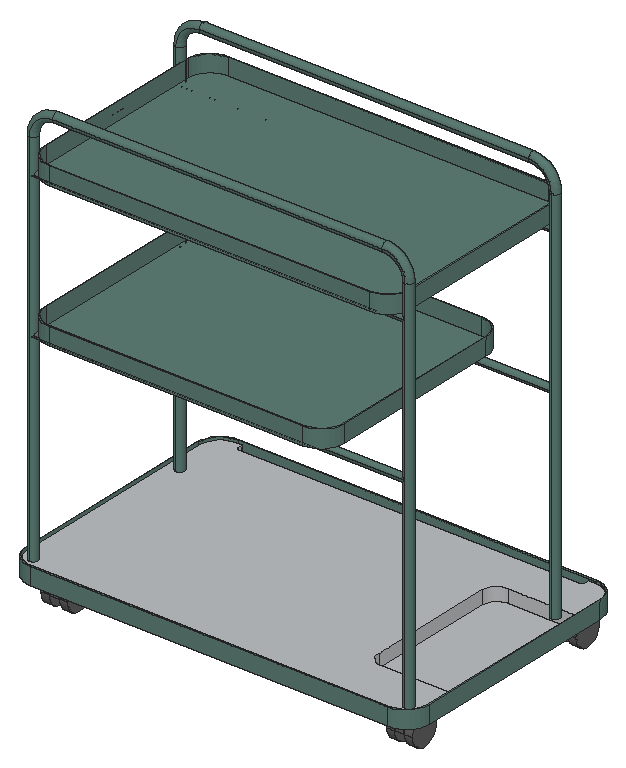
Revit family "okamura_MT30BA００_スプリント_ワゴン_ツールワゴン_700W×450D×790H", category 家具, Revit 2017
Family settings
  OmniClass 番号 = 23.40.20.00
  OmniClass タイトル = General Furniture and Specialties
  作業面に基づく = いいえ
  常に垂直 = はい
  ロード時にボイドで切り取り = いいえ
  共有 = いいえ
  部屋計算ポイント = いいえ
Parameters (values of type "ZH12（ダークグリーン）")
  製造元 = "株式会社オカムラ"
  製品名称 [instance] = "スプリント"  # constant formula
  製品仕様 [instance] = "ツールワゴン"  # constant formula
  製品コード/色仕様 = "MT30BA"  # constant formula
  製品コード [instance] = "MT30BA"  # constant formula
  製品カテゴリ = "クリエイティブファニチュア"  # constant formula
  色仕様名称 [instance] = "ダークグリーン"
  色仕様コード [instance] = "ZH12"
  本体 = okm_ZH12
  導入日 [instance] = ""
  区分 = "ワゴン"  # constant formula
  共通仕様 = ""
  備考 = ""
  シリアルNo [instance] = ""
  キーノート = "12490"
  キャスター = okm_G81
  アセンブリ コード = "E2020200"
  W = 700.0 mm
  URL = "http://www.okamura.co.jp/"
  Product_URL = ""
  ID [instance] = ""
  H = 790.0 mm
  D = 450.0 mm
  Copyright [instance] = "©2021.10 okamura Corp."  # constant formula
Types (8, lengths in mm): name | 色仕様名称 | 色仕様コード | 本体
  (no name) | "ダークグリーン" | "ZH12" | okm_ZH12
  ZH11（オレンジレッド） | "オレンジレッド" | "ZH11" | okm_ZH11
  ZH12（ダークグリーン） | "ダークグリーン" | "ZH12" | okm_ZH12
  ZH13（イエロー） | "イエロー" | "ZH13" | okm_ZH13
  ZH14（セージ） | "セージ" | "ZH14" | okm_ZH14
  ZH15（ダークグレー） | "ダークグレー" | "ZH15" | okm_ZH15
  Z721（ネオブラック） | "ネオブラック" | "Z721" | okm_Z721
  ZC03（ネオホワイト） | "ネオホワイト" | "ZC03" | okm_ZC03
Reference planes
  plane 1 "中心(正面/背面)": y = 0
  plane 2: z = 0
  plane 3 "中心(左/右)": x = 0
  plane 4 "左": x = -350
  plane 5 "右": x = 350
  plane 6 "背面": y = 225
  plane 7 "正面": y = -225
  plane 8 "上": z = 790
Forms (mm)
  Extrusion 1, solid, material "okm_ZH12" <- "本体"
    sketch origin (0, 0, 0) x (1, 0, 0) y (0, 1, 0)
      loop
        arc (-310, 225) -> (-338.284, 213.284) -> (-350, 185) r 40
        line (-350, 185) -> (-350, -185)
        arc (-350, -185) -> (-338.284, -213.284) -> (-310, -225) r 40
        line (-310, -225) -> (310, -225)
        arc (310, -225) -> (338.284, -213.284) -> (350, -185) r 40
        line (350, -185) -> (350, 185)
        arc (350, 185) -> (338.284, 213.284) -> (310, 225) r 40
        line (310, 225) -> (-310, 225)
      loop
        line (310.4, 223.4) -> (-310.4, 223.4)
        arc (-310.4, 223.4) -> (-337.27, 212.27) -> (-348.4, 185.4) r 38
        line (-348.4, 185.4) -> (-348.4, -185.4)
        arc (-348.4, -185.4) -> (-337.27, -212.27) -> (-310.4, -223.4) r 38
        line (-310.4, -223.4) -> (310.4, -223.4)
        arc (310.4, -223.4) -> (337.27, -212.27) -> (348.4, -185.4) r 38
        line (348.4, -185.4) -> (348.4, 185.4)
        arc (348.4, 185.4) -> (337.27, 212.27) -> (310.4, 223.4) r 38
    from 55.5 to 85.5
  Extrusion 2, solid, material "okm_ZH12" <- "本体"
    sketch origin (0, 125, 2080) x (0, -1, 0) y (1, 0, 0)
      loop
        line (-38.05, 278.05) -> (-38.05, -278.05)
        arc (-38.05, -278.05) -> (-26.334, -306.334) -> (1.95, -318.05) r 40
        line (1.95, -318.05) -> (310, -318.05)
        arc (310, -318.05) -> (338.284, -306.334) -> (350, -278.05) r 40
        line (350, -278.05) -> (350, 278.05)
        arc (350, 278.05) -> (338.284, 306.334) -> (310, 318.05) r 40
        line (310, 318.05) -> (1.95, 318.05)
        arc (1.95, 318.05) -> (-26.334, 306.334) -> (-38.05, 278.05) r 40
      loop
        arc (310.4, -316.45) -> (337.27, -305.32) -> (348.4, -278.45) r 38
        line (348.4, -278.45) -> (348.4, 278.45)
        arc (348.4, 278.45) -> (337.27, 305.32) -> (310.4, 316.45) r 38
        line (310.4, 316.45) -> (1.55, 316.45)
        arc (1.55, 316.45) -> (-25.32, 305.32) -> (-36.45, 278.45) r 38
        line (-36.45, 278.45) -> (-36.45, -278.45)
        arc (-36.45, -278.45) -> (-25.32, -305.32) -> (1.55, -316.45) r 38
        line (1.55, -316.45) -> (310.4, -316.45)
    from -1360 to -1390
  Extrusion 3, solid, material "okm_GLC"
    sketch origin (10, 0, -440) x (1, 0, 0) y (0, 0, 1)
      loop
        arc (-350.357, 1041.938) -> (-349.076, 1034.571) -> (-346.76, 1027.461) r 52.496
        arc (-346.76, 1027.461) -> (-343.752, 1025.028) -> (-340.091, 1026.281) r 4
        arc (-340.091, 1026.281) -> (-332.986, 1037.329) -> (-329.844, 1050.084) r 40
        arc (-329.844, 1050.084) -> (-328.434, 1086.867) -> (-329.844, 1123.65) r 480.463
        arc (-329.844, 1123.65) -> (-329.897, 1129.812) -> (-329.115, 1135.925) r 45.375
        line (-329.115, 1135.925) -> (-328.05, 1139.9) -> (-328.05, 1144.233)
        arc (-328.05, 1144.233) -> (-330.026, 1143.538) -> (-331.642, 1142.206) r 6
        arc (-331.642, 1142.206) -> (-337.125, 1134.372) -> (-341.016, 1125.636) r 50
        arc (-341.016, 1125.636) -> (-350.142, 1084.284) -> (-350.357, 1041.938) r 200
      loop
        arc (-329.729, 1141.362) -> (-335.236, 1133.647) -> (-339.12, 1125.001) r 48
        arc (-339.12, 1125.001) -> (-348.155, 1084.063) -> (-348.368, 1042.14) r 198
        arc (-348.368, 1042.14) -> (-347.135, 1035.053) -> (-344.907, 1028.214) r 50.496
        arc (-344.907, 1028.214) -> (-343.403, 1026.998) -> (-341.573, 1027.624) r 2
        arc (-341.573, 1027.624) -> (-334.823, 1038.12) -> (-331.838, 1050.237) r 38
        arc (-331.838, 1050.237) -> (-330.434, 1086.867) -> (-331.838, 1123.497) r 478.463
        arc (-331.838, 1123.497) -> (-331.892, 1129.964) -> (-331.064, 1136.379) r 47.375
        line (-331.064, 1136.379) -> (-329.729, 1141.362)
    from 48.45 to 13.45
  Extrusion 4, solid, material "okm_G81" <- "キャスター"
    sketch origin (0, 0, 0) x (0, 1, 0) y (0, 0, 1)
      loop
        circle (-162, 25) r 25
      loop
        circle (192, 25) r 25
    from -291.25 to -277.25
  Extrusion 5, solid, material "okm_G81" <- "キャスター"
    sketch origin (0, 0, 0) x (0, 1, 0) y (0, 0, -1)
      loop
        circle (-162, -25) r 25
      loop
        circle (192, -25) r 25
    from 308.75 to 322.75
  Extrusion 6, solid, material "okm_ZH12" <- "本体"
    sketch origin (0, 125, -1033.826) x (1, 0, 0) y (0, 1, 0)
      loop
        arc (-278.45, 36.45) -> (-305.32, 25.32) -> (-316.45, -1.55) r 38
        line (-316.45, -1.55) -> (-316.45, -310.4)
        arc (-316.45, -310.4) -> (-305.32, -337.27) -> (-278.45, -348.4) r 38
        line (-278.45, -348.4) -> (278.45, -348.4)
        arc (278.45, -348.4) -> (305.32, -337.27) -> (316.45, -310.4) r 38
        line (316.45, -310.4) -> (316.45, -1.55)
        arc (316.45, -1.55) -> (305.32, 25.32) -> (278.45, 36.45) r 38
        line (278.45, 36.45) -> (-278.45, 36.45)
    from 1725.426 to 1723.826
  Sweep 7, solid, material "okm_ZH12" <- "本体"
    path origin (0, -50, 0) x (1, 0, 0) y (0, 0, -1)
      loop
        line (326, -81.5) -> (326, -742.05)
        arc (326, -742.05) -> (314.284, -770.334) -> (286, -782.05) r 40
        line (286, -782.05) -> (-286, -782.05)
        arc (-286, -782.05) -> (-314.284, -770.334) -> (-326, -742.05) r 40
        line (-326, -742.05) -> (-326, -81.5)
    profile origin (-326, -50, 411.775) x (0, 1, 0) y (-1, 0, 0)
      loop
        circle (168, 0) r 7.95
      loop
        circle (-150, 0) r 7.95
  Extrusion 8, solid, material "okm_F4J"
    sketch origin (0, 0, 140) x (0, -1, 0) y (1, 0, 0)
      loop
        arc (-222.9, -309.9) -> (-211.77, -336.77) -> (-184.9, -347.9) r 38
        line (-184.9, -347.9) -> (184.9, -347.9)
        arc (184.9, -347.9) -> (211.77, -336.77) -> (222.9, -309.9) r 38
        line (222.9, -309.9) -> (222.9, 309.9)
        arc (222.9, 309.9) -> (211.77, 336.77) -> (184.9, 347.9) r 38
        line (184.9, 347.9) -> (137.25, 347.9) -> (137.25, 227.9)
        arc (137.25, 227.9) -> (129.928, 210.222) -> (112.25, 202.9) r 25
        line (112.25, 202.9) -> (-112.25, 202.9)
        arc (-112.25, 202.9) -> (-129.928, 210.222) -> (-137.25, 227.9) r 25
        line (-137.25, 227.9) -> (-137.25, 347.9) -> (-184.9, 347.9)
        arc (-184.9, 347.9) -> (-211.77, 336.77) -> (-222.9, 309.9) r 38
        line (-222.9, 309.9) -> (-222.9, 303.5)
        arc (-222.9, 303.5) -> (-222.021, 301.379) -> (-219.9, 300.5) r 3
        line (-219.9, 300.5) -> (-211.9, 300.5)
        arc (-211.9, 300.5) -> (-209.779, 299.621) -> (-208.9, 297.5) r 3
        line (-208.9, 297.5) -> (-208.9, -297.5)
        arc (-208.9, -297.5) -> (-209.779, -299.621) -> (-211.9, -300.5) r 3
        line (-211.9, -300.5) -> (-219.9, -300.5)
        arc (-219.9, -300.5) -> (-222.021, -301.379) -> (-222.9, -303.5) r 3
        line (-222.9, -303.5) -> (-222.9, -309.9)
    from -58.5 to -81.3
  Extrusion 9, solid, material "okm_G81" <- "キャスター"
    sketch origin (-582.5, 0, 0) x (0, 1, 0) y (0, 0, -1)
      loop
        line (-137, -24.972) -> (-187, -24.972)
        arc (-187, -24.972) -> (-162, -50) -> (-137, -24.972) r 25
      loop
        arc (167, -24.972) -> (192, -50) -> (217, -24.972) r 25
        line (217, -24.972) -> (167, -24.972)
    from -289.5 to -275.5
  Extrusion 10, solid, material "okm_G81" <- "キャスター"
    sketch origin (0, 0, 0) x (1, 0, 0) y (0, 1, 0)
      loop
        circle (-300, 177) r 8
      loop
        circle (300, 177) r 8
      loop
        circle (-300, -177) r 8
      loop
        circle (300, -177) r 8
    from 34.5 to 55.5
  Extrusion 11, solid, material "okm_G81" <- "キャスター"
    sketch origin (0, 0, 0) x (0, 1, 0) y (0, 0, -1)
      loop
        circle (-162, -25) r 25
      loop
        circle (192, -25) r 25
    from -291.25 to -277.25
  Extrusion 12, solid, material "okm_G81" <- "キャスター"
    sketch origin (0, 0, 0) x (0, 1, 0) y (0, 0, 1)
      loop
        circle (-162, 25) r 25
      loop
        circle (192, 25) r 25
    from 308.75 to 322.75
  Extrusion 13, solid, material "okm_G81" <- "キャスター"
    sketch origin (582.5, 0, 0) x (0, 1, 0) y (0, 0, 1)
      loop
        arc (-137, 24.972) -> (-162, 50) -> (-187, 24.972) r 25
        line (-187, 24.972) -> (-137, 24.972)
      loop
        line (167, 24.972) -> (217, 24.972)
        arc (217, 24.972) -> (192, 50) -> (167, 24.972) r 25
    from -289.5 to -275.5
  Extrusion 14, solid, material "okm_ZH12" <- "本体"
    sketch origin (0, 125, 1753.826) x (0, -1, 0) y (1, 0, 0)
      loop
        line (-38.05, 161.95) -> (-38.05, -278.05)
        arc (-38.05, -278.05) -> (-26.334, -306.334) -> (1.95, -318.05) r 40
        line (1.95, -318.05) -> (310, -318.05)
        arc (310, -318.05) -> (338.284, -306.334) -> (350, -278.05) r 40
        line (350, -278.05) -> (350, 161.95)
        arc (350, 161.95) -> (338.284, 190.234) -> (310, 201.95) r 40
        line (310, 201.95) -> (1.95, 201.95)
        arc (1.95, 201.95) -> (-26.334, 190.234) -> (-38.05, 161.95) r 40
      loop
        arc (310.4, -316.45) -> (337.27, -305.32) -> (348.4, -278.45) r 38
        line (348.4, -278.45) -> (348.4, 162.35)
        arc (348.4, 162.35) -> (337.27, 189.22) -> (310.4, 200.35) r 38
        line (310.4, 200.35) -> (1.55, 200.35)
        arc (1.55, 200.35) -> (-25.32, 189.22) -> (-36.45, 162.35) r 38
        line (-36.45, 162.35) -> (-36.45, -278.45)
        arc (-36.45, -278.45) -> (-25.32, -305.32) -> (1.55, -316.45) r 38
        line (1.55, -316.45) -> (310.4, -316.45)
    from -1283.826 to -1313.826
  Extrusion 15, solid, material "okm_ZH12" <- "本体"
    sketch origin (0, 125, -1360) x (1, 0, 0) y (0, 1, 0)
      loop
        arc (-278.45, 36.45) -> (-305.32, 25.32) -> (-316.45, -1.55) r 38
        line (-316.45, -1.55) -> (-316.45, -310.4)
        arc (-316.45, -310.4) -> (-305.32, -337.27) -> (-278.45, -348.4) r 38
        line (-278.45, -348.4) -> (162.35, -348.4)
        arc (162.35, -348.4) -> (189.22, -337.27) -> (200.35, -310.4) r 38
        line (200.35, -310.4) -> (200.35, -1.55)
        arc (200.35, -1.55) -> (189.22, 25.32) -> (162.35, 36.45) r 38
        line (162.35, 36.45) -> (-278.45, 36.45)
    from 1801.6 to 1800
  Extrusion 16, solid, material "okm_ZH12" <- "本体"
    sketch origin (0, 0, 0) x (0, 1, 0) y (0, 0, 1)
      loop
        circle (117.999, 683.65) r 6.35
      loop
        circle (117.999, 433.65) r 6.35
      loop
        circle (-199.999, 683.65) r 6.35
      loop
        circle (-199.999, 433.65) r 6.35
    from -325 to 325
  Extrusion 17, solid, material "okm_F4J"
    sketch origin (0, 0, -22.6) x (1, 0, 0) y (0, 1, 0)
      loop
        arc (-347.9, -184.9) -> (-336.77, -211.77) -> (-309.9, -222.9) r 38
        line (-309.9, -222.9) -> (309.9, -222.9)
        arc (309.9, -222.9) -> (336.77, -211.77) -> (347.9, -184.9) r 38
        line (347.9, -184.9) -> (347.9, 184.9)
        arc (347.9, 184.9) -> (336.77, 211.77) -> (309.9, 222.9) r 38
        line (309.9, 222.9) -> (-309.9, 222.9)
        arc (-309.9, 222.9) -> (-336.77, 211.77) -> (-347.9, 184.9) r 38
        line (-347.9, 184.9) -> (-347.9, -184.9)
    from 79.7 to 81.3
Cuts and joins
  joined: Extrusion 8, Extrusion 17
  joined: Extrusion 4, Extrusion 5, Extrusion 9, Extrusion 10, Extrusion 11, Extrusion 12, Extrusion 13
Lines and regions (mm)
  Masking region 1
    outline origin (0, 0, 0) x (1, 0, 0) y (0, 1, 0)
      loop
        line (310, 225) -> (-310, 225)
        arc (-310, 225) -> (-338.284, 213.284) -> (-350, 185) r 40
        line (-350, 185) -> (-350, -185)
        arc (-350, -185) -> (-338.284, -213.284) -> (-310, -225) r 40
        line (-310, -225) -> (310, -225)
        arc (310, -225) -> (338.284, -213.284) -> (350, -185) r 40
        line (350, -185) -> (350, 185)
        arc (350, 185) -> (338.284, 213.284) -> (310, 225) r 40
  symbolic lines, style "okm_簡略", detail levels coarse
    curve 1: line (310, 225, 0) -> (-310, 225, 0)
    curve 2: arc (-310, 225, 0) -> (-338.284, 213.284, 0) -> (-350, 185, 0) r 40
    curve 3: line (-350, 185, 0) -> (-350, -185, 0)
    curve 4: arc (350, 185, 0) -> (338.284, 213.284, 0) -> (310, 225, 0) r 40
    curve 18: line (310, -225, 0) -> (-310, -225, 0)
    curve 19: arc (-310, -225, 0) -> (-338.284, -213.284, 0) -> (-350, -185, 0) r 40
    curve 20: arc (350, -185, 0) -> (338.284, -213.284, 0) -> (310, -225, 0) r 40
    curve 24: line (350, 185, 0) -> (350, -185, 0)
    curve 30: line (326, -192.05, 0) -> (-326, -192.05, 0)
    curve 31: line (-326, -207.95, 0) -> (326, -207.95, 0)
    curve 32: arc (-326, -192.05, 0) -> (-333.95, -200, 0) -> (-326, -207.95, 0) r 7.95
    curve 33: arc (326, -192.05, 0) -> (333.95, -200, 0) -> (326, -207.95, 0) r 7.95
    curve 34: arc (-326, 125.95, 0) -> (-333.95, 118, 0) -> (-326, 110.05, 0) r 7.95
    curve 35: arc (326, 125.95, 0) -> (333.95, 118, 0) -> (326, 110.05, 0) r 7.95
    curve 36: arc (278.05, 163.05, 0) -> (305.29, 152.341, 0) -> (317.945, 125.95, 0) r 40
    curve 37: arc (-317.945, 125.95, 0) -> (-305.29, 152.341, 0) -> (-278.05, 163.05, 0) r 40
    curve 38: line (-278.05, 163.05, 0) -> (278.05, 163.05, 0)
    curve 39: line (-318.05, -192.05, 0) -> (-318.05, 110.05, 0)
    curve 40: line (318.05, -192.05, 0) -> (318.05, 110.05, 0)
    curve 41: line (-326, 125.95, 0) -> (326, 125.95, 0)
    curve 42: line (326, 110.05, 0) -> (-326, 110.05, 0)
    curve 43: line (-300.5, 208.9, 0) -> (-300.5, 225, 0)
    curve 44: line (300.5, 208.9, 0) -> (-300.5, 208.9, 0)
    curve 45: line (300.5, 225, 0) -> (300.5, 208.9, 0)
    curve 46: arc (278.05, -225, 0) -> (296.516, -220.482, 0) -> (310.811, -207.95, 0) r 40
    curve 47: arc (-310.811, -207.95, 0) -> (-296.516, -220.482, 0) -> (-278.05, -225, 0) r 40
  symbolic lines, style "okm_標準・詳細", detail levels medium+fine
    curve 5: line (-350, 185, 0) -> (-350, -185, 0)
    curve 6: arc (-310, 225, 0) -> (-338.284, 213.284, 0) -> (-350, 185, 0) r 40
    curve 7: line (310, 225, 0) -> (-310, 225, 0)
    curve 8: arc (350, 185, 0) -> (338.284, 213.284, 0) -> (310, 225, 0) r 40
    curve 9: arc (-326, 125.95, 0) -> (-333.95, 118, 0) -> (-326, 110.05, 0) r 7.95
    curve 10: arc (-326, -192.05, 0) -> (-333.95, -200, 0) -> (-326, -207.95, 0) r 7.95
    curve 11: arc (-278.05, 163.05, 0) -> (-305.29, 152.341, 0) -> (-317.945, 125.95, 0) r 40
    curve 12: line (278.05, 163.05, 0) -> (-278.05, 163.05, 0)
    curve 13: line (-318.05, 110.05, 0) -> (-318.05, -192.05, 0)
    curve 14: line (-326, 125.95, 0) -> (326, 125.95, 0)
    curve 15: line (-326, 110.05, 0) -> (326, 110.05, 0)
    curve 16: line (-326, -192.05, 0) -> (326, -192.05, 0)
    curve 17: line (-326, -207.95, 0) -> (326, -207.95, 0)
    curve 21: arc (-310, -225, 0) -> (-338.284, -213.284, 0) -> (-350, -185, 0) r 40
    curve 22: line (310, -225, 0) -> (-310, -225, 0)
    curve 23: arc (350, -185, 0) -> (338.284, -213.284, 0) -> (310, -225, 0) r 40
    curve 25: line (350, 185, 0) -> (350, -185, 0)
    curve 26: arc (326, 125.95, 0) -> (333.95, 118, 0) -> (326, 110.05, 0) r 7.95
    curve 27: arc (278.05, 163.05, 0) -> (305.29, 152.341, 0) -> (317.945, 125.95, 0) r 40
    curve 28: arc (326, -192.05, 0) -> (333.95, -200, 0) -> (326, -207.95, 0) r 7.95
    curve 29: line (318.05, 110.05, 0) -> (318.05, -192.05, 0)
    curve 48: arc (-310.811, -207.95, 0) -> (-296.516, -220.482, 0) -> (-278.05, -225, 0) r 40
    curve 49: arc (278.05, -225, 0) -> (296.516, -220.482, 0) -> (310.811, -207.95, 0) r 40
    curve 50: line (300.5, 225, 0) -> (300.5, 208.9, 0)
    curve 51: line (300.5, 208.9, 0) -> (-300.5, 208.9, 0)
    curve 52: line (-300.5, 208.9, 0) -> (-300.5, 225, 0)
Dimensions and locks
  equal spacing: plane 4 "左", plane 3 "中心(左/右)", plane 5 "右"
  "W": plane 4 "左" to plane 5 "右"
  equal spacing: plane 7 "正面", plane 1 "中心(正面/背面)", plane 6 "背面"
  "D": plane 7 "正面" to plane 6 "背面"
  "H": plane 8 "上" to level
  aligned and locked: level to plane 2
Automatic sketch dimensions
  Extrusion 1 sketch curve to plane 4 "左" = 0.0 mm
  plane 7 "正面" to Extrusion 1 sketch curve = 0.0 mm
  plane 6 "背面" to Extrusion 1 sketch curve = 0.0 mm
  Extrusion 1 sketch curve to plane 5 "右" = 0.0 mm
  plane 4 "左" to Extrusion 1 sketch curve = 1.6 mm
  Extrusion 1 sketch curve to Extrusion 1 sketch curve = 38.0 mm  (x2)
  Extrusion 1 sketch curve to Extrusion 1 sketch curve = 0.4 mm  (x5)
  Extrusion 1 sketch curve to Extrusion 1 sketch curve = 40.0 mm
  Extrusion 1 sketch curve to plane 5 "右" = 40.0 mm
  Extrusion 1 sketch curve to plane 5 "右" = 1.6 mm
  Extrusion 1 sketch curve to plane 7 "正面" = 1.6 mm
  Extrusion 3 sketch curve to Extrusion 3 sketch curve = 0.0 mm  (x23)
  Extrusion 3 sketch curve to plane 8 "上" = 143.133 mm
  Extrusion 3 sketch curve to plane 4 "左" = 448.897 mm
  Extrusion 3 sketch curve to plane 4 "左" = 9.726 mm
  plane 4 "左" to Extrusion 3 sketch curve = 16.945 mm
  plane 4 "左" to Extrusion 3 sketch curve = 28.936 mm
  Extrusion 3 sketch curve to Extrusion 3 sketch curve = 1.335 mm
  Extrusion 3 sketch curve to Extrusion 3 sketch curve = 1.949 mm
  Extrusion 3 sketch curve to Extrusion 3 sketch curve = 1.679 mm
  Extrusion 3 sketch curve to Extrusion 3 sketch curve = 0.972 mm
  Extrusion 3 sketch curve to Extrusion 3 sketch curve = 44.926 mm
  Extrusion 3 sketch curve to Extrusion 3 sketch curve = 33.472 mm
  Extrusion 3 sketch curve to Extrusion 3 sketch curve = 9.004 mm
  Extrusion 3 sketch curve to plane 3 "中心(左/右)" = 141.376 mm
  Extrusion 3 sketch curve to plane 8 "上" = 167.899 mm
  Extrusion 3 sketch curve to plane 8 "上" = 176.854 mm
  Extrusion 3 sketch curve to Extrusion 3 sketch curve = 5.916 mm
  Extrusion 3 sketch curve to Extrusion 3 sketch curve = 24.179 mm
  Extrusion 3 sketch curve to Extrusion 3 sketch curve = 62.522 mm
  Extrusion 3 sketch curve to Extrusion 3 sketch curve = 17.371 mm
  Extrusion 3 sketch curve to Extrusion 3 sketch curve = 26.172 mm
  Extrusion 3 sketch curve to Extrusion 3 sketch curve = 0.454 mm
  Extrusion 3 sketch curve to Extrusion 3 sketch curve = 2.387 mm
  Extrusion 3 sketch curve to Extrusion 3 sketch curve = 1.588 mm
  Extrusion 3 sketch curve to Extrusion 3 sketch curve = 1.462 mm
  Extrusion 3 sketch curve to Extrusion 3 sketch curve = 2.87 mm
  plane 4 "左" to Extrusion 3 sketch curve = 9.643 mm
  Extrusion 3 sketch curve to Extrusion 3 sketch curve = 1.99 mm
  level to Extrusion 4 sketch curve = 25.0 mm  (x2)
  Extrusion 4 sketch curve to plane 7 "正面" = 63.0 mm
  plane 6 "背面" to Extrusion 4 sketch curve = 33.0 mm
  level to Extrusion 5 sketch curve = 25.0 mm  (x2)
  Extrusion 5 sketch curve to plane 7 "正面" = 63.0 mm
  plane 6 "背面" to Extrusion 5 sketch curve = 33.0 mm
  Masking region 1 sketch curve to plane 4 "左" = 0.0 mm
  plane 7 "正面" to Masking region 1 sketch curve = 0.0 mm
  plane 6 "背面" to Masking region 1 sketch curve = 0.0 mm
  Masking region 1 sketch curve to plane 5 "右" = 0.0 mm
  plane 4 "左" to Masking region 1 sketch curve = 40.0 mm  (x2)
  Masking region 1 sketch curve to Masking region 1 sketch curve = 40.0 mm  (x2)
  plane 4 "左" to Sweep 7 sketch curve = 24.0 mm
  Sweep 7 sketch curve to plane 8 "上" = 7.95 mm
  Sweep 7 sketch curve to Sweep 7 sketch curve = 40.0 mm
  Sweep 7 sketch curve to plane 5 "右" = 64.0 mm
  Sweep 7 sketch curve to plane 5 "右" = 24.0 mm
  level to Sweep 7 sketch curve = 81.5 mm  (x2)
  profile plane to Sweep 7 sketch curve = 0.0 mm  (x2)
  Sweep 7 sketch curve to profile plane = 150.0 mm
  profile plane to Sweep 7 sketch curve = 168.0 mm
  Extrusion 9 sketch curve to plane 7 "正面" = 38.0 mm
  Extrusion 9 sketch curve to Extrusion 9 sketch curve = 25.0 mm  (x2)
  level to Extrusion 9 sketch curve = 24.972 mm  (x2)
  plane 6 "背面" to Extrusion 9 sketch curve = 58.0 mm
  level to Extrusion 9 sketch curve = 25.0 mm  (x2)
  plane 4 "左" to Extrusion 10 sketch curve = 50.0 mm  (x2)
  Extrusion 10 sketch curve to plane 5 "右" = 50.0 mm  (x2)
  Extrusion 10 sketch curve to plane 7 "正面" = 48.0 mm  (x2)
  plane 6 "背面" to Extrusion 10 sketch curve = 48.0 mm  (x2)
  level to Extrusion 11 sketch curve = 25.0 mm  (x2)
  Extrusion 11 sketch curve to plane 7 "正面" = 63.0 mm
  plane 6 "背面" to Extrusion 11 sketch curve = 33.0 mm
  level to Extrusion 12 sketch curve = 25.0 mm  (x2)
  Extrusion 12 sketch curve to plane 7 "正面" = 63.0 mm
  plane 6 "背面" to Extrusion 12 sketch curve = 33.0 mm
  Extrusion 13 sketch curve to plane 7 "正面" = 38.0 mm
  Extrusion 13 sketch curve to Extrusion 13 sketch curve = 25.0 mm  (x2)
  level to Extrusion 13 sketch curve = 24.972 mm  (x2)
  plane 6 "背面" to Extrusion 13 sketch curve = 58.0 mm
  level to Extrusion 13 sketch curve = 25.0 mm  (x2)
  plane 4 "左" to Extrusion 17 sketch curve = 2.1 mm
  Extrusion 17 sketch curve to plane 7 "正面" = 2.1 mm
  plane 4 "左" to Extrusion 17 sketch curve = 40.1 mm
  Extrusion 17 sketch curve to Extrusion 17 sketch curve = 38.0 mm  (x2)
  plane 6 "背面" to Extrusion 17 sketch curve = 2.1 mm
  Extrusion 17 sketch curve to plane 5 "右" = 40.1 mm
  Extrusion 17 sketch curve to plane 5 "右" = 2.1 mm
  curve 11 to curve 37 = 0.0 mm
  curve 27 to curve 36 = 0.0 mm
  curve 5 to plane 4 "左" = 0.0 mm
  plane 7 "正面" to curve 19 = 0.0 mm
  curve 25 to plane 5 "右" = 0.0 mm
  plane 4 "左" to curve 9 = 24.0 mm
  plane 4 "左" to curve 17 = 24.0 mm
  curve 32 to curve 19 = 16.0 mm
  plane 4 "左" to curve 6 = 40.0 mm
  curve 15 to curve 11 = 47.95 mm
  curve 36 to plane 5 "右" = 71.95 mm
  curve 12 to curve 8 = 31.95 mm
  curve 17 to plane 7 "正面" = 17.05 mm
  curve 18 to curve 17 = 16.0 mm
  curve 26 to plane 5 "右" = 24.0 mm
  curve 17 to curve 28 = 7.95 mm
  curve 15 to curve 8 = 74.95 mm
  curve 39 to curve 11 = 13.0 mm
  curve 29 to curve 27 = 13.0 mm
  curve 15 to curve 26 = 7.95 mm
  curve 12 to curve 2 = 21.95 mm
  curve 13 to curve 39 = 0.0 mm
  curve 40 to curve 15 = 7.95 mm
  curve 29 to curve 40 = 0.0 mm
  Extrusion 16 sketch curve to plane 7 "正面" = 25.001 mm  (x2)
  plane 6 "背面" to Extrusion 16 sketch curve = 107.001 mm  (x2)
  Extrusion 16 sketch curve to plane 8 "上" = 356.35 mm
  Extrusion 16 sketch curve to Extrusion 16 sketch curve = 0.0 mm
  Extrusion 16 sketch curve to plane 8 "上" = 106.35 mm  (x2)
  plane 6 "背面" to Extrusion 8 sketch curve = 2.1 mm  (x2)
  Extrusion 8 sketch curve to Extrusion 8 sketch curve = 3.0 mm  (x3)
  Extrusion 8 sketch curve to Extrusion 8 sketch curve = 8.0 mm  (x2)
  Extrusion 8 sketch curve to Extrusion 8 sketch curve = 24.0 mm  (x2)
  Extrusion 8 sketch curve to plane 5 "右" = 2.1 mm  (x2)
  Extrusion 8 sketch curve to Extrusion 8 sketch curve = 47.65 mm
  Extrusion 8 sketch curve to Extrusion 8 sketch curve = 25.0 mm
  plane 1 "中心(正面/背面)" to Extrusion 8 sketch curve = 112.25 mm
  Extrusion 8 sketch curve to plane 7 "正面" = 87.75 mm
  Extrusion 8 sketch curve to plane 7 "正面" = 40.1 mm  (x2)
  Extrusion 8 sketch curve to plane 7 "正面" = 2.1 mm
  Extrusion 8 sketch curve to Extrusion 8 sketch curve = 6.4 mm  (x2)
  Extrusion 8 sketch curve to Extrusion 8 sketch curve = 82.0 mm
  plane 4 "左" to Extrusion 8 sketch curve = 52.5 mm
  plane 7 "正面" to Extrusion 2 sketch curve = 0.0 mm
  Extrusion 2 sketch curve to Extrusion 2 sketch curve = 38.0 mm  (x3)
  Extrusion 2 sketch curve to Extrusion 2 sketch curve = 0.4 mm  (x7)
  Extrusion 2 sketch curve to plane 5 "右" = 71.95 mm  (x2)
  plane 6 "背面" to Extrusion 2 sketch curve = 101.95 mm
  Extrusion 2 sketch curve to Extrusion 2 sketch curve = 1.6 mm
  plane 4 "左" to Extrusion 2 sketch curve = 71.95 mm
  plane 4 "左" to Extrusion 6 sketch curve = 33.55 mm
  Extrusion 6 sketch curve to Extrusion 6 sketch curve = 38.0 mm  (x3)
  Extrusion 6 sketch curve to plane 5 "右" = 71.55 mm
  Extrusion 6 sketch curve to plane 5 "右" = 33.55 mm
  Extrusion 6 sketch curve to plane 7 "正面" = 1.6 mm
  plane 6 "背面" to Extrusion 6 sketch curve = 101.55 mm
  plane 6 "背面" to Extrusion 14 sketch curve = 61.95 mm
  Extrusion 14 sketch curve to Extrusion 14 sketch curve = 1.6 mm
  Extrusion 14 sketch curve to Extrusion 14 sketch curve = 38.0 mm  (x3)
  Extrusion 14 sketch curve to Extrusion 14 sketch curve = 0.4 mm  (x7)
  plane 4 "左" to Extrusion 14 sketch curve = 33.55 mm
  plane 1 "中心(正面/背面)" to Extrusion 14 sketch curve = 185.4 mm
  plane 3 "中心(左/右)" to Extrusion 14 sketch curve = 161.95 mm
  Extrusion 14 sketch curve to Extrusion 14 sketch curve = 40.0 mm
  plane 4 "左" to Extrusion 15 sketch curve = 33.55 mm
  Extrusion 15 sketch curve to Extrusion 15 sketch curve = 38.0 mm  (x3)
  Extrusion 15 sketch curve to plane 7 "正面" = 39.6 mm
  Extrusion 15 sketch curve to plane 7 "正面" = 1.6 mm
  plane 3 "中心(左/右)" to Extrusion 15 sketch curve = 162.35 mm
  plane 6 "背面" to Extrusion 15 sketch curve = 101.55 mm
  curve 42 to curve 39 = 7.95 mm
  curve 46 to curve 20 = 31.95 mm
  plane 6 "背面" to curve 43 = 0.0 mm
  curve 1 to curve 43 = 9.5 mm
  curve 45 to curve 4 = 9.5 mm
  curve 44 to curve 43 = 16.1 mm
  curve 46 to curve 49 = 0.0 mm  (x2)
  curve 49 to curve 17 = 15.189 mm
  curve 49 to curve 29 = 40.0 mm
  curve 17 to curve 48 = 15.189 mm
  curve 47 to curve 48 = 0.0 mm  (x2)
  curve 19 to curve 47 = 31.95 mm
  radius of Extrusion 4 sketch curve = 25.0 mm  (x2)
  radius of Extrusion 5 sketch curve = 25.0 mm  (x2)
  radius of Sweep 7 sketch curve = 7.95 mm  (x2)
  radius of Extrusion 10 sketch curve = 8.0 mm  (x4)
  radius of Extrusion 11 sketch curve = 25.0 mm  (x2)
  radius of Extrusion 12 sketch curve = 25.0 mm  (x2)
  radius of Extrusion 16 sketch curve = 6.35 mm  (x4)
